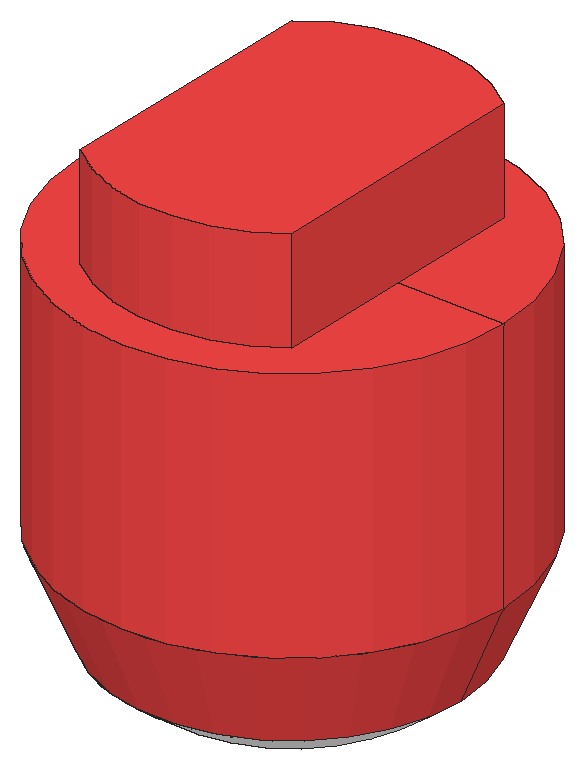
Revit family "CWSS-RR-W4 ENScape optisk-akustisk signalgiver rød IP65_Tak", category Fire Alarm Devices, Revit 2016
Family settings
  Maintain Annotation Orientation = Yes
  Part Type = Normal
  Round Connector Dimension = Use Diameter
  OmniClass Number = 23.85.30.21.11.17
  OmniClass Title = Other Components
  Work Plane-Based = No
  Always vertical = No
  Cut with Voids When Loaded = No
  Shared = No
  Room Calculation Point = No
Parameters (values of type "Optisk signalgiver")
  Type Comments = "-XH"
  Reference Line Out [instance] = 10.00 mm
  NS8360 = "5423_XN2"
  Manufacturer = "Honeywell"
  Keynote = "XN2"
  IP R = CQ Length A / 2 - 10.00 mm  # 40.00 mm
  CQ Symbol Positive Direction [instance] = yes
  CQ Symbol Offset Side [instance] = 0.00 mm
  CQ Symbol Offset Out [instance] = 0.00 mm
  CQ Material = Plastic - Red
  CQ Length B = 98.00 mm
  CQ Length A = 100.00 mm
  Assembly Code = "5423"
Reference planes
  plane 1 "Center (Front/Back)": y = 0
  plane 2: z = 0
  plane 3 "Center (Left/Right)": x = 0
  plane 4: x = -50
  plane 5: x = 50
  plane 6: z = -98
  plane 7: z = -83
  plane 8: z = 24
  plane 9: x = 40
Forms (mm)
  Revolve 1, solid, material "Plastic White Transparent"
    sketch origin (0, 0, 0) x (1, 0, 0) y (0, 0, 1)
      loop
        line (0, -83) -> (0, -98) -> (1, -98)
        arc (1, -98) -> (21.893, -94.121) -> (40, -83) r 58.2
        line (40, -83) -> (0, -83)
      axis (0, -83) -> (0, -98)
    angle from 0 to 360
  Revolve 2, solid, material "Plastic - Red" <- "CQ Material"
    sketch origin (0, 0, 0) x (1, 0, 0) y (0, 0, 1)
      loop
        line (0, 0) -> (0, -83) -> (40, -83) -> (50, -60) -> (50, 0) -> (0, 0)
      axis (0, 0) -> (0, -83)
    angle from 0 to 360
  Extrusion 3, solid, material "Plastic - Red" <- "CQ Material"
    sketch origin (0, 0, 0) x (1, 0, 0) y (0, 1, 0)
      loop
        arc (25, 31.225) -> (0, 40) -> (-25, 31.225) r 40
        line (-25, 31.225) -> (-25, -31.225)
        arc (-25, -31.225) -> (0, -40) -> (25, -31.225) r 40
        line (25, -31.225) -> (25, 31.225)
    from 0 to 24
Cuts and joins
  joined: Revolve 2, Extrusion 3
Lines and regions (mm)
  model lines, style "InvisibleLines"
    curve 1: line (0, 0, 0) -> (0, -43, 0)
    curve 2: line (0, 0, 0) -> (0, 0, 10)
Dimensions and locks
  equal spacing: plane 5, plane 3 "Center (Left/Right)", plane 4
  "CQ Length A": plane 5 to plane 4
  "CQ Length B": plane 6 to plane 2
  "Reference Line Out": curve 2 to level
  locked: plane 7 to plane 6 at 15
  plane 8 to plane 2 = 24.00 mm
  locked: plane 5 to plane 9 at 10
  radius of Extrusion 3 sketch curve = 40.00 mm
  "IP R": radius of Extrusion 3 sketch curve
  aligned and locked: level to plane 2
  aligned and locked: curve 1 to plane 2
  aligned and locked: plane 3 "Center (Left/Right)" to nested 1
  aligned and locked: plane 1 "Center (Front/Back)" to nested 1
  aligned and locked: plane 2 to curve 2
  aligned and locked: plane 3 "Center (Left/Right)" to curve 2
  aligned and locked: Revolve 1 sketch curve to plane 7
  aligned and locked: Revolve 1 sketch curve to plane 6
  aligned and locked: Revolve 2 sketch curve to level
  aligned and locked: Revolve 2 sketch curve to plane 3 "Center (Left/Right)"
  aligned and locked: Revolve 2 sketch curve to plane 5
  aligned and locked: Revolve 2 sketch curve to plane 7
  aligned and locked: plane 8 to Extrusion 3
  aligned and locked: plane 9 to Revolve 1 sketch curve
  aligned and locked: plane 9 to Revolve 2 sketch curve
Automatic sketch dimensions
  curve 1 to plane 3 "Center (Left/Right)" = 0.00 mm
  plane 1 "Center (Front/Back)" to curve 1 = 0.00 mm
  plane 1 "Center (Front/Back)" to curve 1 = 43.00 mm
  Revolve 2 sketch curve to plane 3 "Center (Left/Right)" = 0.00 mm
  Revolve 2 sketch curve to plane 6 = 23.00 mm
  plane 7 to Revolve 2 sketch curve = 23.00 mm
  plane 8 to Revolve 2 sketch curve = 1.00 mm
  Revolve 1 sketch curve to plane 3 "Center (Left/Right)" = 0.00 mm  (x2)
  Revolve 1 sketch curve to plane 6 = 0.00 mm
  plane 3 "Center (Left/Right)" to Revolve 1 sketch curve = 1.00 mm
  Revolve 1 sketch curve to Revolve 1 sketch curve = 12.20 mm
  Extrusion 3 sketch curve to Extrusion 3 sketch curve = 0.00 mm  (x2)
  plane 1 "Center (Front/Back)" to Extrusion 3 sketch curve = 0.00 mm
  Extrusion 3 sketch curve to plane 3 "Center (Left/Right)" = 0.00 mm
  Extrusion 3 sketch curve to plane 3 "Center (Left/Right)" = 25.00 mm
  Extrusion 3 sketch curve to plane 9 = 15.00 mm
Nested families
  nested 1: "Optisk alarmapparat" at (0, 0, 0), type "Type 1"
Connectors
  electrical at (0, 0, 0)
    settings: on Revolve 1, index 1, voltage 0 V, apparent load 0 VA, apparent load phase1 0 VA, apparent load phase2 0 VA, apparent load phase3 0 VA, power factor 1, load classification "Other", number of poles 1, system type 11, power factor state 1, is connector primary yes, connector utility no, sub classification motor no, connector description ""
Definition of nested family "Optisk alarmapparat"
  Parameters
    CQ Symbol Positive Direction = yes
    CQ Symbol Negative Direction = not(CQ Symbol Positive Direction)  # no
    CQ Symbol Offset Side = 0.00 mm
    CQ Symbol Offset Out = 0.00 mm
  Reference planes
    plane 1: y = 0
    plane 2: x = 0
  Dimensions and locks
    "CQ Symbol Offset Out": plane 1 to nested 2
    "CQ Symbol Offset Out": plane 1 to nested 1
    "CQ Symbol Offset Side": plane 2 to nested 1
    "CQ Symbol Offset Side": nested 2 to plane 2
  Nested families
    nested 1: "Optisk AlarmapparatSub" at (0, 0, 0), visible <- "CQ Symbol Positive Direction", type "Type 1"
    nested 2: "Optisk AlarmapparatSub" at (0, 0, 0), visible <- "CQ Symbol Negative Direction", type "Type 1"
  Definition of nested family "Optisk AlarmapparatSub"
    Reference planes
      plane 1: y = 0
      plane 2: x = 0
    Lines and regions (mm)
      detail lines
        curve 1: circle (0, 0, 0) r 2.5 normal (0, 0, 1)
        curve 2: line (-1.768, 1.768, 0) -> (1.768, -1.768, 0)
        curve 3: line (-1.768, -1.768, 0) -> (1.768, 1.768, 0)
        curve 4: line (-0.001, 3, 0) -> (4.748, 3, 0)
    Text (mm)
      text "PL" at (1.733, 4.587, 0)
